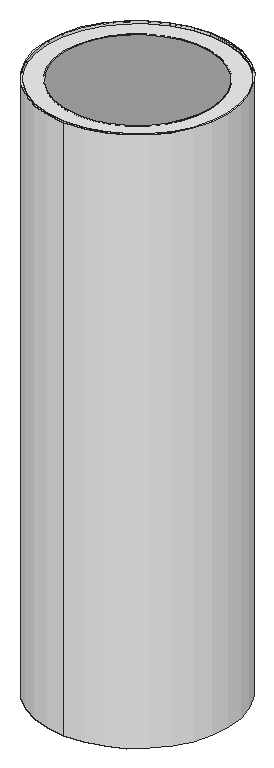
Revit family "02.Wichmann Kabelbox WD90 rund_DECK", category Mechanical Equipment, host Ceiling, Revit 2018
Family settings
  Host = Ceiling
  Round Connector Dimension = Use Diameter
  Part Type = Normal
  OmniClass Number = 23.75.00.00
  OmniClass Title = Climate Control (HVAC)
  Always vertical = Yes
  Cut with Voids When Loaded = No
  Shared = No
  Room Calculation Point = No
Parameters (values of type "Kabelbox WD90 rund, 90x270 mm")
  Werkstoff = Stahl
  TCeiling_0 [instance] = 500 mm
  T0 [instance] = TCeiling_0  # 500 mm
  HAN = "00R90"
  Durchmesser_1 = Durchmesser - 1 mm  # 89 mm
  Durchmesser = 90 mm
  Diameter inside = 72 mm
  Durchmesser Rohbau = 110 mm
  Bautiefe = 270 mm
Types (13, lengths in mm): name | HAN | Durchmesser_1 | Durchmesser | Diameter inside | Durchmesser Rohbau
  Kabelbox WD90 rund, 70x270 mm | "00R70" | 69 | 70 | 56 | 90
  Kabelbox WD90 rund, 80x270 mm | "00R80" | 79 | 80 | 64 | 100
  Kabelbox WD90 rund, 90x270 mm | "00R90" | 89 | 90 | 72 | 110
  Kabelbox WD90 rund, 100x270 mm | "00R100" | 99 | 100 | 80 | 120
  Kabelbox WD90 rund, 110x270 mm | "00R110" | 109 | 110 | 88 | 130
  Kabelbox WD90 rund, 120x270 mm | "00R120" | 119 | 120 | 96 | 140
  Kabelbox WD90 rund, 130x270 mm | "00R130" | 129 | 130 | 104 | 150
  Kabelbox WD90 rund, 140x270 mm | "00R140" | 139 | 140 | 112 | 160
  Kabelbox WD90 rund, 150x270 mm | "00R150" | 149 | 150 | 120 | 170
  Kabelbox WD90 rund, 180x270 mm | "00R180" | 179 | 180 | 144 | 200
  Kabelbox WD90 rund, 200x270 mm | "00R200" | 199 | 200 | 160 | 220
  Kabelbox WD90 rund, 230x270 mm | "00R230" | 229 | 230 | 184 | 250
  Kabelbox WD90 rund, 250x270 mm | "00R250" | 249 | 250 | 200 | 270
Reference planes
  plane 1 "Center (Front/Back)": y = 0
  plane 2: z = 0
  plane 3 "Center (Left/Right)": x = 0
  plane 4 "Ceiling": z = 4065
  plane 5: y = -45
  plane 6: z = 4315
  plane 7: z = 4565
  plane 8: z = 4450
  plane 9: z = 4180
  plane 10: x = 45
  plane 11: x = 55
  plane 12: x = -45
  plane 13: x = -55
  plane 14: y = 45
Forms (mm)
  Extrusion 1, solid, material "Stahl" <- "Werkstoff"
    sketch origin (0, 0, 4065) x (0, 1, 0) y (-1, 0, 0)
      loop
        circle (0, 0) r 45
      loop
        circle (0, 0) r 44.5
    from 115 to 385
  Extrusion 2, solid, material "Brandschutzeinlage"
    sketch origin (0, 0, 4065) x (0, 1, 0) y (-1, 0, 0)
      loop
        circle (0, 0) r 36
      loop
        circle (0, 0) r 44.5
    from 116 to 384
  Extrusion 3, solid, material "EasyFoam"
    sketch origin (0, 0, 4065) x (0, 1, 0) y (-1, 0, 0)
      loop
        circle (0, 0) r 36
    from 116 to 384
Lines and regions (mm)
  Opening 1
    outline origin (-2000, 2000, 4565) x (-1, 0, 0) y (0, -1, 0)
      loop
        circle (-2000, 2000) r 55
Dimensions and locks
  equal spacing: host sketch curve, plane 3 "Center (Left/Right)", host sketch curve
  equal spacing: host sketch curve, plane 1 "Center (Front/Back)", host sketch curve
  host sketch curve to host sketch curve = 4000 mm  (x2)
  equal spacing: plane 7, plane 6, plane 4 "Ceiling"
  "TCeiling_0": host ceiling to host ceiling
  "T0": plane 7 to plane 4 "Ceiling"
  equal spacing: plane 8, plane 6, plane 9, locked at 135 each
  "Durchmesser": plane 5 to plane 14
  equal spacing: plane 14, plane 1 "Center (Front/Back)", plane 5
  equal spacing: plane 12, plane 3 "Center (Left/Right)", plane 10
  "Durchmesser": plane 12 to plane 10
  "Durchmesser Rohbau": plane 13 to plane 11
  equal spacing: plane 13, plane 3 "Center (Left/Right)", plane 11
  locked: Extrusion 2 to plane 9 at 1
  locked: plane 8 to Extrusion 2 at 1
  "Bautiefe": plane 8 to plane 9
  "Durchmesser Rohbau": diameter of Opening 1 sketch curve
  "Durchmesser": diameter of Extrusion 1 sketch curve
  "Durchmesser_1": diameter of Extrusion 1 sketch curve
  "Durchmesser_1": diameter of Extrusion 2 sketch curve
  "Diameter inside": diameter of Extrusion 2 sketch curve
  "Diameter inside": diameter of Extrusion 3 sketch curve
  aligned and locked: plane 4 "Ceiling" to host ceiling
  aligned and locked: nested 2 to plane 5
  aligned and locked: nested 2 to plane 14
  aligned and locked: Extrusion 1 to plane 9
  aligned and locked: plane 8 to Extrusion 1
  aligned and locked: Extrusion 2 to Extrusion 3  (x2)
  aligned and locked: nested 3 to plane 12
  aligned and locked: nested 3 to plane 10
  aligned and locked: plane 14 to nested 1
  aligned and locked: nested 1 to plane 5
  aligned and locked: plane 4 "Ceiling" to nested 3
  aligned and locked: plane 7 to nested 3
  aligned and locked: plane 7 to nested 1
  aligned and locked: plane 4 "Ceiling" to nested 1
Automatic sketch dimensions
  plane 1 "Center (Front/Back)" to Opening 1 sketch curve = 0 mm
  Opening 1 sketch curve to plane 3 "Center (Left/Right)" = 0 mm
  Extrusion 1 sketch curve to Extrusion 1 sketch curve = 0 mm  (x2)
  plane 1 "Center (Front/Back)" to Extrusion 1 sketch curve = 0 mm
  Extrusion 1 sketch curve to plane 3 "Center (Left/Right)" = 0 mm
  Extrusion 2 sketch curve to Extrusion 2 sketch curve = 0 mm  (x2)
  plane 1 "Center (Front/Back)" to Extrusion 2 sketch curve = 0 mm
  Extrusion 2 sketch curve to plane 3 "Center (Left/Right)" = 0 mm
  plane 1 "Center (Front/Back)" to Extrusion 3 sketch curve = 0 mm
  Extrusion 3 sketch curve to plane 3 "Center (Left/Right)" = 0 mm
Nested families
  nested 1: "Side" at (0, 0, 4315) x (0, -1, 0) z (1, 0, 0), type "Side"
    with h 500 mm, b 90 mm
  nested 2: "RoundFront" at (0, 0, 4065) x (1, 0, 0) z (0, 0, -1), type "RoundFront"
    with b 90 mm
  nested 3: "Side" at (0, 0, 4315) x (1, 0, 0) z (0, -1, 0), type "Side"
    with h 500 mm, b 90 mm
Definition of nested family "Side"
  Parameters (values of type "Side")
    h [instance] = 433.181 mm
    b [instance] = 613.979 mm
  Reference planes
    plane 1 "Center (Front/Back)": y = 0
    plane 2: z = 0
    plane 3 "Center (Left/Right)": x = 0
    plane 4: y = 216.59
    plane 5: x = -306.99
    plane 6: x = 306.99
    plane 7: y = -216.59
  Lines and regions (mm)
    detail lines, in view "Ref. Level"
      curve 1: line (-306.99, 216.59, 0) -> (306.99, 216.59, 0)
      curve 2: line (-306.99, -216.59, 0) -> (-306.99, 216.59, 0)
      curve 3: line (306.99, -216.59, 0) -> (-306.99, -216.59, 0)
      curve 4: line (306.99, 216.59, 0) -> (306.99, -216.59, 0)
      curve 5: line (306.99, -216.59, 0) -> (-306.99, 216.59, 0)
      curve 6: line (-306.99, -216.59, 0) -> (306.99, 216.59, 0)
  Dimensions and locks
    equal spacing: plane 4, plane 1 "Center (Front/Back)", plane 7
    "h": plane 4 to plane 7
    equal spacing: plane 5, plane 3 "Center (Left/Right)", plane 6
    "b": plane 5 to plane 6
    aligned and locked: curve 3 to plane 7
    aligned and locked: plane 6 to curve 4
  Automatic sketch dimensions
    curve 1 to plane 4 = 0 mm
    curve 1 to plane 5 = 0 mm
Definition of nested family "RoundFront"
  Parameters (values of type "RoundFront")
    b [instance] = 200 mm
  Reference planes
    plane 1 "Center (Front/Back)": y = 0
    plane 2: z = 0
    plane 3 "Center (Left/Right)": x = 0
    plane 4: y = 100
    plane 5: x = -100
    plane 6: x = 100
    plane 7: y = -100
    plane 8: through (-306.99, -306.99, 4000) normal (-0.7071, 0.7071, 0)
    plane 9: through (-306.99, 306.99, 4000) normal (0.7071, 0.7071, 0)
  Lines and regions (mm)
    detail lines, in view "Ref. Level"
      curve 1: circle (0, 0, 0) r 100 normal (0, 0, 1)
      curve 2: line (-70.711, -70.711, 0) -> (70.711, 70.711, 0)
      curve 3: line (-70.711, 70.711, 0) -> (70.711, -70.711, 0)
  Dimensions and locks
    equal spacing: plane 4, plane 1 "Center (Front/Back)", plane 7
    "b": plane 4 to plane 7
    equal spacing: plane 5, plane 3 "Center (Left/Right)", plane 6
    "b": plane 5 to plane 6
    curve 2 to curve 2 = 200 mm
    curve 3 to curve 3 = 200 mm
    equal spacing: curve 3, curve 2, curve 3
    equal spacing: curve 2, curve 3, curve 2
    "b": diameter of curve 1
    locked: plane 9 to plane 1 "Center (Front/Back)" (angle 45.00°)
    locked: plane 1 "Center (Front/Back)" to plane 8 (angle 45.00°)
    aligned and locked: curve 3 to plane 9
    aligned and locked: curve 2 to plane 8
